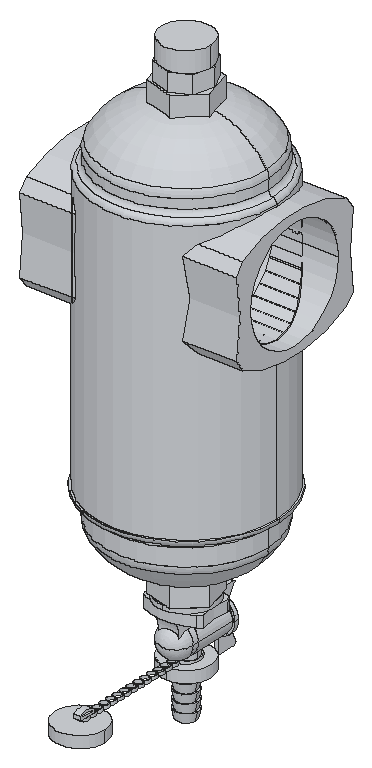
Revit family "Magnetic Dirt Separator-R146MY015", category Plumbing Fixtures, Revit 2015
Reference planes
  plane 1 "Center (Front/Back)": y = 0
  plane 2: z = 0
  plane 3 "Center (Left/Right)": x = 0
  plane 4: z = 191
  plane 5: z = 274
  plane 6: x = -40.5
  plane 7: x = 40.5
  plane 8: x = -48.5
  plane 9: x = 48.5
  plane 10: y = 27.082
  plane 11: y = -27.082
  plane 12: y = 27.082
  plane 13: y = -27.082
  plane 14: x = 27.082
  plane 15: x = -27.082
Forms (mm)
  Revolve 1, solid
    sketch origin (0, 0, 3) x (1, 0, 0) y (0, 0, 1)
      loop
        line (-40.5, 217.09) -> (-40.5, 90.761) -> (-41.5, 90.761)
        arc (-41.5, 90.761) -> (-40.94, 89.051) -> (-39.307, 88.292) r 2.26
        arc (-39.307, 88.292) -> (-37.572, 87.534) -> (-36.859, 85.781) r 2.512
        line (-36.859, 85.781) -> (-36.859, 77.938)
        arc (-36.859, 77.938) -> (-36.627, 76.169) -> (-35.945, 74.52) r 6.846
        arc (-35.945, 74.52) -> (-25.668, 63.62) -> (-11.589, 58.503) r 32.422
        line (-11.589, 58.503) -> (0, 58.503) -> (0, 245.602) -> (-11.591, 245.602)
        arc (-11.591, 245.602) -> (-25.673, 240.484) -> (-35.951, 229.582) r 32.426
        arc (-35.951, 229.582) -> (-36.634, 227.932) -> (-36.866, 226.162) r 6.849
        line (-36.866, 226.162) -> (-36.866, 221.912)
        arc (-36.866, 221.912) -> (-37.371, 220.403) -> (-38.683, 219.501) r 2.508
        arc (-38.683, 219.501) -> (-39.995, 218.6) -> (-40.5, 217.09) r 2.508
      axis (0, 245.602) -> (0, 58.503)
    angle from 0 to 360
  Extrusion 2, solid
    sketch origin (0, 0, 247.912) x (1, 0, 0) y (0, 1, 0)
      loop
        line (9.899, 9.899) -> (-3.623, 13.523) -> (-13.523, 3.623) -> (-9.899, -9.899) -> (3.623, -13.523) -> (13.523, -3.623) -> (9.899, 9.899)
    from -0.912 to 9.088
  Extrusion 3, solid
    sketch origin (0, 0, 257) x (1, 0, 0) y (0, 1, 0)
      loop
        line (7.713, 9.193) -> (-1.046, 11.954) -> (-9.193, 7.713) -> (-11.954, -1.046) -> (-7.713, -9.193) -> (1.046, -11.954) -> (9.193, -7.713) -> (11.954, 1.046) -> (7.713, 9.193)
    from 0 to 8
  Extrusion 4, solid
    sketch origin (0, 0, 265) x (1, 0, 0) y (0, 1, 0)
      loop
        circle (0, 0) r 11
    from 0 to 9
  Extrusion 5, solid
    sketch origin (-37.5, 0, 23.737) x (0, 1, 0) y (0, 0, -1)
      loop
        circle (0, -167.263) r 25
      loop
        line (29.025, -189.221) -> (32.463, -184.31)
        arc (32.463, -184.31) -> (30.821, -167.263) -> (32.463, -150.216) r 89.318
        line (32.463, -150.216) -> (29.025, -145.305)
        arc (29.025, -145.305) -> (0, -138.316) -> (-29.025, -145.305) r 63.759
        line (-29.025, -145.305) -> (-32.463, -150.216)
        arc (-32.463, -150.216) -> (-30.821, -167.263) -> (-32.463, -184.31) r 89.318
        line (-32.463, -184.31) -> (-29.025, -189.221)
        arc (-29.025, -189.221) -> (0, -196.21) -> (29.025, -189.221) r 63.759
    from -14.984 to 11.062
  Revolve 6, solid
    sketch origin (0, 0, 0) x (1, 0, 0) y (0, 0, 1)
      loop
        line (-5.119, 19.706) -> (-4.304, 15.76) -> (-5.119, 15.76) -> (-4.304, 11.814) -> (-5.119, 11.814) -> (-4.304, 7.868) -> (-5.119, 7.868) -> (-4.304, 3.922) -> (-5.119, 3.922) -> (-4.309, 0) -> (0, 0) -> (0, 19.706) -> (-5.119, 19.706)
      axis (0, 19.706) -> (0, 0)
    angle from 0 to 360
  Extrusion 7, solid
    sketch origin (0, 0, 51.5) x (0, -1, 0) y (1, 0, 0)
      loop
        line (-9.899, 9.899) -> (-13.523, -3.623) -> (-3.623, -13.523) -> (9.899, -9.899) -> (13.523, 3.623) -> (3.623, 13.523) -> (-9.899, 9.899)
    from -0.912 to 11.088
  Extrusion 8, solid
    sketch origin (0, 0, 43.706) x (0, -1, 0) y (1, 0, 0)
      loop
        circle (0, 0) r 11.105
      loop
        line (-8.942, -11.82) -> (-6.943, -13.221)
        arc (-6.943, -13.221) -> (0, -12.552) -> (6.943, -13.221) r 36.375
        line (6.943, -13.221) -> (8.942, -11.82)
        arc (8.942, -11.82) -> (11.789, 0) -> (8.942, 11.82) r 25.966
        line (8.942, 11.82) -> (6.943, 13.221)
        arc (6.943, 13.221) -> (0, 12.552) -> (-6.943, 13.221) r 36.375
        line (-6.943, 13.221) -> (-8.942, 11.82)
        arc (-8.942, 11.82) -> (-11.789, 0) -> (-8.942, -11.82) r 25.966
    from 0 to 5
  Extrusion 9, solid
    sketch origin (0, 0, 19.706) x (0, -1, 0) y (1, 0, 0)
      loop
        circle (0, 0) r 11
    from 0 to 4.971
  Extrusion 10, solid
    sketch origin (37.5, 0, 23.737) x (0, 1, 0) y (0, 0, 1)
      loop
        circle (0, 167.263) r 25
      loop
        arc (29.025, 189.221) -> (0, 196.21) -> (-29.025, 189.221) r 63.759
        line (-29.025, 189.221) -> (-32.463, 184.31)
        arc (-32.463, 184.31) -> (-30.821, 167.263) -> (-32.463, 150.216) r 89.318
        line (-32.463, 150.216) -> (-29.025, 145.305)
        arc (-29.025, 145.305) -> (0, 138.316) -> (29.025, 145.305) r 63.759
        line (29.025, 145.305) -> (32.463, 150.216)
        arc (32.463, 150.216) -> (30.821, 167.263) -> (32.463, 184.31) r 89.318
        line (32.463, 184.31) -> (29.025, 189.221)
    from -18.485 to 11.062
  Extrusion 11, solid
    sketch origin (0, 0, 44.706) x (0, -1, 0) y (1, 0, 0)
      loop
        circle (0, 0) r 13
    from 4 to 6
  Extrusion 12, solid
    sketch origin (0, -59.562, 19.677) x (-1, 0, 0) y (0, -1, 0)
      loop
        circle (0, 0) r 11
    from 0 to 5
  Extrusion 13, solid
    sketch origin (0, 10.938, -134.258) x (1, 0, 0) y (0, 0, -1)
      loop
        circle (0, -167.996) r 7.5
    from -13.595 to 5.209
  Revolve 14, solid
    sketch origin (0, -2.656, 33.727) x (0, -1, 0) y (1, 0, 0)
      loop
        line (0, 7.5) -> (0, 0) -> (10.635, 0)
        arc (10.635, 0) -> (8.319, 5.314) -> (2.95, 7.5) r 7.687
        line (2.95, 7.5) -> (0, 7.5)
      axis (0, 0) -> (10.635, 0)
    angle from 0 to 360
  Extrusion 15, solid
    sketch origin (0, 0, 14.706) x (-1, 0, 0) y (0, -1, 0)
      loop
        circle (0, 0) r 5.119
    from 9.971 to 16.528
  Revolve 16, solid
    sketch origin (0, 16.384, 33.727) x (0, 1, 0) y (-1, 0, 0)
      loop
        line (0.632, -8.291) -> (2.242, -8.291)
        arc (2.242, -8.291) -> (3.34, -4.191) -> (4.004, 0) r 40.616
        line (4.004, 0) -> (-1.726, 0) -> (-1.726, -5.865) -> (2.031, -5.865) -> (2.031, -7.491) -> (0.632, -7.491) -> (0.632, -8.291)
      axis (-1.726, 0) -> (4.004, 0)
    angle from 0 to 360
  Extrusion 17, solid
    sketch origin (4.688, 0, 0) x (0, -1, 0) y (0, 0, 1)
      loop
        line (11.329, 43.706) -> (-11.171, 43.706)
        arc (-11.171, 43.706) -> (-9.919, 40.677) -> (-9.876, 37.399) r 8.706
        line (-9.876, 37.399) -> (10.033, 37.399)
        arc (10.033, 37.399) -> (10.077, 40.677) -> (11.329, 43.706) r 8.706
    from -0.08 to 9.224
  Extrusion 18, solid
    sketch origin (1, 0, 0) x (0, -1, 0) y (0, 0, 1)
      loop
        line (-17.015, 42.013) -> (-17.015, 44.152) -> (-25.165, 44.152)
        arc (-25.165, 44.152) -> (-25.684, 43.831) -> (-25.628, 43.224) r 0.579
        line (-25.628, 43.224) -> (-20.328, 34.998)
        arc (-20.328, 34.998) -> (-19.907, 38.541) -> (-19.091, 42.013) r 31.634
        line (-19.091, 42.013) -> (-17.015, 42.013)
      loop
        line (-17.017, 25.437) -> (-19.084, 25.437)
        arc (-19.084, 25.437) -> (-19.905, 28.921) -> (-20.328, 32.476) r 31.634
        line (-20.328, 32.476) -> (-26.147, 19.717)
        arc (-26.147, 19.717) -> (-26.054, 18.428) -> (-24.921, 17.809) r 1.348
        line (-24.921, 17.809) -> (-17.017, 17.809) -> (-17.017, 25.437)
    from 0 to 2
  Extrusion 19, void
    sketch origin (0, 0, 0) x (0, 1, 0) y (0, 0, 1)
      loop
        circle (0, 191) r 25
    from -97.08 to 100
  Extrusion 20, solid
    sketch origin (0.088, 0.007, 24.677) x (0, -1, 0) y (1, 0, 0)
      loop
        arc (9.667, 0.599) -> (7.817, 2.01) -> (5.874, 0.731) r 2.011
        arc (5.874, 0.731) -> (-0.366, 5.908) -> (-5.919, 0) r 5.919
        arc (-5.919, 0) -> (-0.366, -5.908) -> (5.874, -0.731) r 5.919
        arc (5.874, -0.731) -> (7.817, -2.01) -> (9.667, -0.599) r 2.011
        arc (9.667, -0.599) -> (11.587, -2.011) -> (13.506, -0.599) r 2.011
        arc (13.506, -0.599) -> (15.426, -2.011) -> (17.346, -0.599) r 2.011
        arc (17.346, -0.599) -> (19.265, -2.011) -> (21.185, -0.599) r 2.011
        arc (21.185, -0.599) -> (23.104, -2.011) -> (25.024, -0.599) r 2.011
        arc (25.024, -0.599) -> (26.944, -2.011) -> (28.863, -0.599) r 2.011
        arc (28.863, -0.599) -> (30.783, -2.011) -> (32.702, -0.599) r 2.011
        arc (32.702, -0.599) -> (34.622, -2.011) -> (36.541, -0.599) r 2.011
        arc (36.541, -0.599) -> (38.461, -2.011) -> (40.381, -0.599) r 2.011
        arc (40.381, -0.599) -> (42.3, -2.011) -> (44.22, -0.599) r 2.011
        arc (44.22, -0.599) -> (46.139, -2.011) -> (48.059, -0.599) r 2.011
        arc (48.059, -0.599) -> (49.979, -2.011) -> (51.898, -0.599) r 2.011
        arc (51.898, -0.599) -> (53.818, -2.011) -> (55.737, -0.599) r 2.011
        arc (55.737, -0.599) -> (57.96, -1.988) -> (59.668, 0) r 2.011
        arc (59.668, 0) -> (57.96, 1.988) -> (55.737, 0.599) r 2.011
        arc (55.737, 0.599) -> (53.818, 2.011) -> (51.898, 0.599) r 2.011
        arc (51.898, 0.599) -> (49.979, 2.011) -> (48.059, 0.599) r 2.011
        arc (48.059, 0.599) -> (46.139, 2.011) -> (44.22, 0.599) r 2.011
        arc (44.22, 0.599) -> (42.3, 2.011) -> (40.381, 0.599) r 2.011
        arc (40.381, 0.599) -> (38.461, 2.011) -> (36.541, 0.599) r 2.011
        arc (36.541, 0.599) -> (34.622, 2.011) -> (32.702, 0.599) r 2.011
        arc (32.702, 0.599) -> (30.783, 2.011) -> (28.863, 0.599) r 2.011
        arc (28.863, 0.599) -> (26.944, 2.011) -> (25.024, 0.599) r 2.011
        arc (25.024, 0.599) -> (23.104, 2.011) -> (21.185, 0.599) r 2.011
        arc (21.185, 0.599) -> (19.265, 2.011) -> (17.346, 0.599) r 2.011
        arc (17.346, 0.599) -> (15.426, 2.011) -> (13.506, 0.599) r 2.011
        arc (13.506, 0.599) -> (11.587, 2.011) -> (9.667, 0.599) r 2.011
      loop
        circle (7.748, 0) r 1.828
      loop
        circle (11.587, 0) r 1.828
      loop
        circle (15.426, 0) r 1.828
      loop
        circle (19.265, 0) r 1.828
      loop
        circle (23.104, 0) r 1.828
      loop
        circle (26.944, 0) r 1.828
      loop
        circle (30.783, 0) r 1.828
      loop
        circle (34.622, 0) r 1.828
      loop
        circle (38.461, 0) r 1.828
      loop
        circle (42.3, 0) r 1.828
      loop
        circle (46.139, 0) r 1.828
      loop
        circle (49.979, 0) r 1.828
      loop
        circle (53.818, 0) r 1.828
      loop
        circle (0, 0) r 5.119
      loop
        circle (57.657, 0) r 1.828
    from 0 to 1
  Extrusion 21, solid
    sketch origin (0.088, 1.912, -3.024) x (0, -1, 0) y (0, 0, 1)
      loop
        line (55.828, 28.935) -> (63.295, 28.935) -> (63.295, 30.576)
        arc (63.295, 30.576) -> (59.562, 31.656) -> (55.828, 30.576) r 6.992
        line (55.828, 30.576) -> (55.828, 28.935)
      loop
        arc (62.495, 30.585) -> (59.562, 30.853) -> (56.628, 30.585) r 16.148
        line (56.628, 30.585) -> (56.628, 29.735) -> (62.495, 29.735) -> (62.495, 30.585)
    from -1.539 to 1.47
  Extrusion 22, solid
    sketch origin (0.088, -59.554, 27.373) x (-1, 0, 0) y (0, -1, 0)
      loop
        circle (0, -1.905) r 1.5
    from -3.516 to -1.461
Cuts and joins
  Extrusion 19 cuts Revolve 1
  Extrusion 19 cuts Extrusion 10
Dimensions and locks
  plane 7 to plane 6 = 81 mm
  plane 2 to plane 5 = 274 mm
  plane 2 to plane 4 = 191 mm
  equal spacing: plane 8, plane 3 "Center (Left/Right)", plane 9
  plane 9 to plane 3 "Center (Left/Right)" = 48.5 mm  (x2)
  plane 8 to plane 9 = 97 mm
  aligned and locked: level to plane 2
Automatic sketch dimensions
  Extrusion 2 sketch curve to plane 1 "Center (Front/Back)" = 3.623 mm
  Extrusion 2 sketch curve to plane 3 "Center (Left/Right)" = 13.523 mm
  Extrusion 2 sketch curve to plane 3 "Center (Left/Right)" = 9.899 mm
  Extrusion 2 sketch curve to plane 3 "Center (Left/Right)" = 3.623 mm
  plane 3 "Center (Left/Right)" to Extrusion 2 sketch curve = 3.623 mm
  plane 3 "Center (Left/Right)" to Extrusion 2 sketch curve = 9.899 mm
  plane 1 "Center (Front/Back)" to Extrusion 2 sketch curve = 3.623 mm
  plane 3 "Center (Left/Right)" to Extrusion 2 sketch curve = 13.523 mm
  plane 1 "Center (Front/Back)" to Extrusion 2 sketch curve = 9.899 mm
  plane 1 "Center (Front/Back)" to Extrusion 2 sketch curve = 13.523 mm
  Extrusion 2 sketch curve to plane 1 "Center (Front/Back)" = 9.899 mm
  Extrusion 2 sketch curve to plane 1 "Center (Front/Back)" = 13.523 mm
  plane 1 "Center (Front/Back)" to Extrusion 3 sketch curve = 1.046 mm
  Extrusion 3 sketch curve to plane 3 "Center (Left/Right)" = 11.954 mm
  Extrusion 3 sketch curve to Extrusion 3 sketch curve = 2.762 mm  (x3)
  Extrusion 3 sketch curve to plane 3 "Center (Left/Right)" = 7.713 mm
  Extrusion 3 sketch curve to plane 3 "Center (Left/Right)" = 1.046 mm
  plane 3 "Center (Left/Right)" to Extrusion 3 sketch curve = 1.046 mm
  plane 3 "Center (Left/Right)" to Extrusion 3 sketch curve = 7.713 mm
  Extrusion 3 sketch curve to Extrusion 3 sketch curve = 8.147 mm  (x3)
  Extrusion 3 sketch curve to plane 1 "Center (Front/Back)" = 1.046 mm
  plane 1 "Center (Front/Back)" to Extrusion 3 sketch curve = 7.713 mm
  Extrusion 3 sketch curve to plane 1 "Center (Front/Back)" = 7.713 mm
  Extrusion 3 sketch curve to Extrusion 3 sketch curve = 4.241 mm
  plane 1 "Center (Front/Back)" to Extrusion 4 sketch curve = 0 mm
  Extrusion 4 sketch curve to plane 3 "Center (Left/Right)" = 0 mm
  Revolve 6 sketch curve to level = 0 mm  (x2)
  Revolve 6 sketch curve to plane 3 "Center (Left/Right)" = 0 mm  (x2)
  Revolve 6 sketch curve to plane 3 "Center (Left/Right)" = 4.304 mm  (x2)
  Revolve 6 sketch curve to Revolve 6 sketch curve = 0 mm  (x3)
  Revolve 6 sketch curve to Revolve 6 sketch curve = 0.005 mm
  Revolve 6 sketch curve to Revolve 6 sketch curve = 0.815 mm  (x4)
  level to Revolve 6 sketch curve = 3.922 mm
  Revolve 6 sketch curve to Revolve 6 sketch curve = 3.946 mm  (x4)
  Revolve 6 sketch curve to level = 13.856 mm
  Extrusion 7 sketch curve to plane 3 "Center (Left/Right)" = 3.623 mm
  Extrusion 7 sketch curve to plane 1 "Center (Front/Back)" = 13.523 mm
  Extrusion 7 sketch curve to plane 1 "Center (Front/Back)" = 9.899 mm
  Extrusion 7 sketch curve to plane 1 "Center (Front/Back)" = 3.623 mm
  plane 1 "Center (Front/Back)" to Extrusion 7 sketch curve = 3.623 mm
  plane 1 "Center (Front/Back)" to Extrusion 7 sketch curve = 9.899 mm
  plane 3 "Center (Left/Right)" to Extrusion 7 sketch curve = 3.623 mm
  plane 1 "Center (Front/Back)" to Extrusion 7 sketch curve = 13.523 mm
  Extrusion 7 sketch curve to plane 3 "Center (Left/Right)" = 9.899 mm
  Extrusion 7 sketch curve to plane 3 "Center (Left/Right)" = 13.523 mm
  plane 3 "Center (Left/Right)" to Extrusion 7 sketch curve = 9.899 mm
  plane 3 "Center (Left/Right)" to Extrusion 7 sketch curve = 13.523 mm
  Extrusion 8 sketch curve to plane 3 "Center (Left/Right)" = 0 mm  (x3)
  plane 1 "Center (Front/Back)" to Extrusion 8 sketch curve = 0 mm  (x3)
  Extrusion 8 sketch curve to plane 1 "Center (Front/Back)" = 6.943 mm  (x2)
  Extrusion 8 sketch curve to Extrusion 8 sketch curve = 2 mm  (x4)
  Extrusion 8 sketch curve to Extrusion 8 sketch curve = 5.235 mm  (x2)
  plane 1 "Center (Front/Back)" to Extrusion 8 sketch curve = 6.943 mm  (x2)
  Extrusion 8 sketch curve to plane 3 "Center (Left/Right)" = 11.82 mm  (x2)
  Extrusion 8 sketch curve to Extrusion 8 sketch curve = 1.4 mm  (x2)
  plane 8 to Extrusion 8 sketch curve = 0.427 mm
  Extrusion 8 sketch curve to plane 9 = 0.427 mm
  plane 1 "Center (Front/Back)" to Extrusion 9 sketch curve = 0 mm
  Extrusion 9 sketch curve to plane 3 "Center (Left/Right)" = 0 mm
  plane 1 "Center (Front/Back)" to Extrusion 11 sketch curve = 0 mm
  Extrusion 11 sketch curve to plane 3 "Center (Left/Right)" = 0 mm
  Extrusion 13 sketch curve to plane 3 "Center (Left/Right)" = 0 mm
  Revolve 14 sketch curve to plane 3 "Center (Left/Right)" = 0 mm  (x2)
  plane 1 "Center (Front/Back)" to Revolve 14 sketch curve = 2.656 mm
  Revolve 14 sketch curve to plane 3 "Center (Left/Right)" = 0.187 mm
  Revolve 14 sketch curve to Revolve 14 sketch curve = 2.95 mm
  Revolve 14 sketch curve to Revolve 14 sketch curve = 7.684 mm
  Revolve 14 sketch curve to Revolve 14 sketch curve = 0.693 mm
  Revolve 14 sketch curve to plane 1 "Center (Front/Back)" = 4.745 mm
  Extrusion 15 sketch curve to Extrusion 15 sketch curve = 0 mm  (x2)
  plane 1 "Center (Front/Back)" to Extrusion 15 sketch curve = 0 mm
  Extrusion 15 sketch curve to plane 3 "Center (Left/Right)" = 0 mm
  plane 3 "Center (Left/Right)" to Extrusion 15 sketch curve = 5.119 mm
  Extrusion 17 sketch curve to plane 1 "Center (Front/Back)" = 18.447 mm
  Extrusion 17 sketch curve to Extrusion 17 sketch curve = 7.276 mm  (x2)
  Extrusion 17 sketch curve to Extrusion 17 sketch curve = 1.296 mm  (x2)
  plane 1 "Center (Front/Back)" to Extrusion 17 sketch curve = 10.033 mm
  Extrusion 17 sketch curve to Extrusion 17 sketch curve = 1.526 mm
  Extrusion 18 sketch curve to plane 1 "Center (Front/Back)" = 26.147 mm
  Extrusion 18 sketch curve to Extrusion 18 sketch curve = 0.519 mm
  Extrusion 18 sketch curve to Extrusion 18 sketch curve = 0.463 mm
  Extrusion 18 sketch curve to Extrusion 18 sketch curve = 1.227 mm
  Extrusion 18 sketch curve to Extrusion 18 sketch curve = 5.3 mm
  Extrusion 18 sketch curve to Extrusion 18 sketch curve = 0 mm  (x2)
  Extrusion 18 sketch curve to Extrusion 18 sketch curve = 6.074 mm
  Extrusion 18 sketch curve to Extrusion 18 sketch curve = 1.244 mm
  Extrusion 18 sketch curve to Extrusion 18 sketch curve = 2.066 mm
  Extrusion 18 sketch curve to Extrusion 18 sketch curve = 2.076 mm
  plane 1 "Center (Front/Back)" to Extrusion 18 sketch curve = 11.246 mm
  Extrusion 18 sketch curve to Extrusion 18 sketch curve = 7.015 mm
  Extrusion 18 sketch curve to Extrusion 18 sketch curve = 1.379 mm
  Extrusion 18 sketch curve to Extrusion 18 sketch curve = 2.522 mm
  Extrusion 18 sketch curve to Extrusion 18 sketch curve = 5.72 mm
  Extrusion 18 sketch curve to Extrusion 18 sketch curve = 0.559 mm
  Extrusion 18 sketch curve to Extrusion 18 sketch curve = 0.349 mm
  Revolve 1 sketch curve to plane 6 = 0 mm
  Revolve 1 sketch curve to plane 3 "Center (Left/Right)" = 0 mm  (x2)
  Revolve 1 sketch curve to Revolve 1 sketch curve = 1 mm
  plane 6 to Revolve 1 sketch curve = 1.126 mm
  plane 6 to Revolve 1 sketch curve = 1.129 mm
  plane 6 to Revolve 1 sketch curve = 1.25 mm
  plane 6 to Revolve 1 sketch curve = 2.508 mm
  plane 6 to Revolve 1 sketch curve = 3.634 mm
  plane 6 to Revolve 1 sketch curve = 3.641 mm
  Revolve 1 sketch curve to Revolve 1 sketch curve = 6.849 mm
  Revolve 1 sketch curve to Revolve 1 sketch curve = 6.846 mm
  Revolve 1 sketch curve to Revolve 1 sketch curve = 11.591 mm
  Revolve 1 sketch curve to Revolve 1 sketch curve = 11.589 mm
  Revolve 1 sketch curve to plane 3 "Center (Left/Right)" = 7.857 mm
  Revolve 1 sketch curve to plane 3 "Center (Left/Right)" = 7.853 mm
  Revolve 1 sketch curve to Revolve 1 sketch curve = 19.435 mm
  Revolve 1 sketch curve to Revolve 1 sketch curve = 7.843 mm
  Revolve 1 sketch curve to Revolve 1 sketch curve = 4.771 mm
  Revolve 1 sketch curve to Revolve 1 sketch curve = 12.771 mm
  Revolve 1 sketch curve to Revolve 1 sketch curve = 0.21 mm
  plane 4 to Revolve 1 sketch curve = 29.09 mm
  plane 4 to Revolve 1 sketch curve = 25.392 mm
  Revolve 1 sketch curve to Revolve 1 sketch curve = 4.822 mm
  Revolve 1 sketch curve to Revolve 1 sketch curve = 4.25 mm
  Revolve 1 sketch curve to plane 5 = 25.398 mm
  plane 5 to Revolve 1 sketch curve = 43 mm
  Revolve 1 sketch curve to Revolve 1 sketch curve = 140 mm
  Extrusion 12 sketch curve to plane 3 "Center (Left/Right)" = 0 mm
  plane 1 "Center (Front/Back)" to Extrusion 12 sketch curve = 59.562 mm
  level to Revolve 1 sketch curve = 93.761 mm
  level to Extrusion 13 sketch curve = 33.737 mm
  level to Extrusion 17 sketch curve = 37.399 mm
  level to Extrusion 18 sketch curve = 17.809 mm
  Extrusion 18 sketch curve to Extrusion 18 sketch curve = 1.211 mm
  Extrusion 19 sketch curve to Extrusion 19 sketch curve = 0 mm  (x2)
  Extrusion 19 sketch curve to plane 4 = 0 mm
  Extrusion 19 sketch curve to plane 1 "Center (Front/Back)" = 0 mm
  plane 1 "Center (Front/Back)" to Extrusion 19 sketch curve = 25 mm
  Extrusion 5 sketch curve to plane 4 = 0 mm  (x3)
  Extrusion 5 sketch curve to plane 1 "Center (Front/Back)" = 0 mm  (x3)
  Extrusion 5 sketch curve to plane 11 = 1.943 mm  (x2)
  Extrusion 5 sketch curve to plane 11 = 5.381 mm  (x2)
  Extrusion 5 sketch curve to Extrusion 5 sketch curve = 87.676 mm  (x2)
  Extrusion 5 sketch curve to plane 10 = 1.943 mm  (x2)
  Extrusion 5 sketch curve to plane 10 = 5.381 mm  (x2)
  plane 4 to Extrusion 5 sketch curve = 17.047 mm  (x2)
  Extrusion 5 sketch curve to Extrusion 5 sketch curve = 4.91 mm  (x2)
  Extrusion 5 sketch curve to Extrusion 5 sketch curve = 12.854 mm  (x2)
  Extrusion 10 sketch curve to plane 4 = 0 mm  (x3)
  Extrusion 10 sketch curve to plane 1 "Center (Front/Back)" = 0 mm  (x3)
  Extrusion 10 sketch curve to plane 13 = 1.943 mm  (x2)
  Extrusion 10 sketch curve to plane 13 = 5.381 mm  (x2)
  Extrusion 10 sketch curve to Extrusion 10 sketch curve = 87.676 mm  (x2)
  Extrusion 10 sketch curve to plane 12 = 1.943 mm  (x2)
  Extrusion 10 sketch curve to plane 12 = 5.381 mm  (x2)
  Extrusion 10 sketch curve to plane 4 = 17.047 mm  (x2)
  Extrusion 10 sketch curve to Extrusion 10 sketch curve = 4.91 mm  (x2)
  Extrusion 10 sketch curve to Extrusion 10 sketch curve = 12.854 mm  (x2)
  Extrusion 20 sketch curve to Extrusion 20 sketch curve = 0 mm  (x180)
  Extrusion 20 sketch curve to plane 1 "Center (Front/Back)" = 0.007 mm
  plane 3 "Center (Left/Right)" to Extrusion 20 sketch curve = 0.088 mm  (x15)
  plane 1 "Center (Front/Back)" to Extrusion 20 sketch curve = 7.74 mm
  Extrusion 20 sketch curve to Extrusion 20 sketch curve = 3.839 mm  (x13)
  Extrusion 20 sketch curve to Extrusion 20 sketch curve = 5.119 mm
  Extrusion 20 sketch curve to Extrusion 20 sketch curve = 0.8 mm
  plane 3 "Center (Left/Right)" to Extrusion 20 sketch curve = 0.819 mm
  Extrusion 20 sketch curve to plane 3 "Center (Left/Right)" = 0.643 mm
  Extrusion 20 sketch curve to Extrusion 20 sketch curve = 0.045 mm
  Extrusion 20 sketch curve to plane 3 "Center (Left/Right)" = 0.511 mm  (x12)
  Extrusion 20 sketch curve to Extrusion 20 sketch curve = 0.091 mm  (x13)
  Extrusion 20 sketch curve to Extrusion 20 sketch curve = 0.183 mm  (x13)
  level to Extrusion 21 sketch curve = 25.912 mm
  plane 1 "Center (Front/Back)" to Extrusion 21 sketch curve = 53.916 mm
  Extrusion 21 sketch curve to Extrusion 21 sketch curve = 0.8 mm  (x2)
  Extrusion 21 sketch curve to Extrusion 21 sketch curve = 3.733 mm
  Extrusion 21 sketch curve to Extrusion 21 sketch curve = 0 mm
  level to Extrusion 21 sketch curve = 27.561 mm
  Extrusion 21 sketch curve to Extrusion 21 sketch curve = 5.867 mm
  level to Extrusion 21 sketch curve = 21.64 mm
  Extrusion 21 sketch curve to Extrusion 21 sketch curve = 9.958 mm
  Extrusion 21 sketch curve to Extrusion 21 sketch curve = 0.849 mm
  Extrusion 21 sketch curve to Extrusion 21 sketch curve = 0.009 mm
  Extrusion 22 sketch curve to Extrusion 22 sketch curve = 0 mm  (x2)
  plane 3 "Center (Left/Right)" to Extrusion 22 sketch curve = 0.088 mm
  plane 1 "Center (Front/Back)" to Extrusion 22 sketch curve = 57.65 mm
  Extrusion 22 sketch curve to Extrusion 22 sketch curve = 1.5 mm
  Revolve 16 sketch curve to plane 3 "Center (Left/Right)" = 0 mm  (x2)
  Revolve 16 sketch curve to plane 3 "Center (Left/Right)" = 4.253 mm
  Revolve 16 sketch curve to plane 1 "Center (Front/Back)" = 14.658 mm
  Revolve 16 sketch curve to Revolve 16 sketch curve = 2.358 mm
  Revolve 16 sketch curve to Revolve 16 sketch curve = 1.4 mm
  plane 3 "Center (Left/Right)" to Revolve 16 sketch curve = 5.865 mm
  Revolve 16 sketch curve to Revolve 16 sketch curve = 1.626 mm
  Revolve 16 sketch curve to Revolve 16 sketch curve = 0.8 mm
  Revolve 16 sketch curve to Revolve 16 sketch curve = 5.675 mm
  Revolve 16 sketch curve to Revolve 16 sketch curve = 1.033 mm
  Revolve 16 sketch curve to Revolve 16 sketch curve = 0.211 mm
  Revolve 16 sketch curve to Revolve 16 sketch curve = 4.698 mm
  radius of Extrusion 4 sketch curve = 11 mm
  radius of Extrusion 8 sketch curve = 11.105 mm
  radius of Extrusion 9 sketch curve = 11 mm
  radius of Extrusion 11 sketch curve = 13 mm
  radius of Extrusion 13 sketch curve = 7.5 mm
  radius of Extrusion 12 sketch curve = 11 mm
  radius of Extrusion 5 sketch curve = 25 mm
  radius of Extrusion 10 sketch curve = 25 mm
